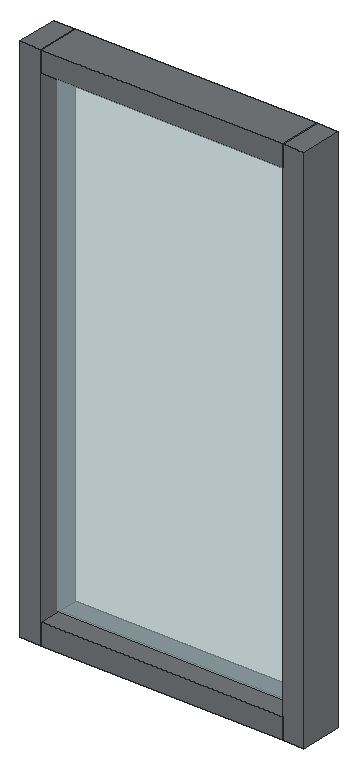
Revit family "LC W12 - A11", category Windows, host Wall, Revit 2027
Family settings
  Host = Wall
  Always vertical = Yes
  Cut with Voids When Loaded = No
  Shared = No
  Room Calculation Point = No
Parameters (values of type "A11 nominal size")
  Height = 1260 mm  # constant formula
  Description = "A07/A08 position, A11 overall sizes. Frame50x100 and glazing6mm are visual coordination profiles; manufacturer sections/glazing specification pending. Panel divisions follow schedule appearance, undimensioned divisions provisional."
  Default Sill Height = 0 mm
  Wall Closure = By host
  Width = 670 mm  # constant formula
Reference planes
  plane 1 "Center (Front/Back)": y = 0
  plane 2 "Center (Left/Right)": x = 0
  plane 3 "Left": x = -335
  plane 4 "Right": x = 335
  plane 5 "Sill": z = 0
  plane 6 "Head": z = 1260
  plane 7 "Exterior": y = 100
  plane 8 "Interior": y = -100
Forms (mm)
  Extrusion 1, solid, material "LC Aluminium - charcoal coordination"
    sketch origin (0, 0, 0) x (1, 0, 0) y (0, 1, 0)
      loop
        line (-335, -50) -> (-285, -50) -> (-285, 50) -> (-335, 50) -> (-335, -50)
    from 0 to 1260
  Extrusion 2, solid, material "LC Aluminium - charcoal coordination"
    sketch origin (0, 0, 0) x (1, 0, 0) y (0, 1, 0)
      loop
        line (285, -50) -> (335, -50) -> (335, 50) -> (285, 50) -> (285, -50)
    from 0 to 1260
  Extrusion 3, solid, material "LC Aluminium - charcoal coordination"
    sketch origin (0, 0, 0) x (1, 0, 0) y (0, 1, 0)
      loop
        line (-285, -50) -> (285, -50) -> (285, 50) -> (-285, 50) -> (-285, -50)
    from 1210 to 1260
  Extrusion 4, solid, material "LC Aluminium - charcoal coordination"
    sketch origin (0, 0, 0) x (1, 0, 0) y (0, 1, 0)
      loop
        line (-285, -50) -> (285, -50) -> (285, 50) -> (-285, 50) -> (-285, -50)
    from 0 to 50
  Extrusion 5, solid, material "LC Glazing - specification pending"
    sketch origin (0, 0, 0) x (1, 0, 0) y (0, 1, 0)
      loop
        line (-285, -3) -> (285, -3) -> (285, 3) -> (-285, 3) -> (-285, -3)
    from 50 to 1210
Lines and regions (mm)
  Opening 1
    outline origin (3500, -100, 0) x (1, 0, 0) y (0, 0, 1)
      loop
        line (-3165, 0) -> (-3165, 1260) -> (-3835, 1260) -> (-3835, 0) -> (-3165, 0)
Text (mm)
  text "Exterior" at (-1963.203, 1332.353, 0), in view "Ref. Level"
  text "Interior" at (-1981.466, -818.386, 0), in view "Ref. Level"
  text "Exterior" at (0, 923.751, 2943.296), in view "Right"
  text "Exterior" at (0, 1040.484, 2685.409), in view "Left"
Dimensions and locks
  equal spacing: plane 3 "Left", plane 2 "Center (Left/Right)", plane 4 "Right"
  "Width": plane 3 "Left" to plane 4 "Right"
  "Height": plane 5 "Sill" to plane 6 "Head"
  "Default Sill Height": plane 5 "Sill" to level
  locked: plane 7 "Exterior" to host wall
  locked: plane 8 "Interior" to host wall
Automatic sketch dimensions
  Opening 1 sketch curve to plane 3 "Left" = 0 mm
  Opening 1 sketch curve to plane 4 "Right" = 0 mm
  Opening 1 sketch curve to plane 5 "Sill" = 0 mm
  Opening 1 sketch curve to plane 6 "Head" = 0 mm
  Extrusion 1 sketch curve to plane 3 "Left" = 0 mm
  Extrusion 1 sketch curve to Extrusion 1 sketch curve = 50 mm
  host wall to Extrusion 1 sketch curve = 50 mm
  Extrusion 1 sketch curve to host wall = 50 mm
  Extrusion 2 sketch curve to plane 4 "Right" = 0 mm
  plane 4 "Right" to Extrusion 2 sketch curve = 50 mm
  host wall to Extrusion 2 sketch curve = 50 mm
  Extrusion 2 sketch curve to host wall = 50 mm
  Extrusion 3 sketch curve to plane 3 "Left" = 50 mm
  plane 4 "Right" to Extrusion 3 sketch curve = 50 mm
  host wall to Extrusion 3 sketch curve = 50 mm
  Extrusion 3 sketch curve to host wall = 50 mm
  Extrusion 4 sketch curve to plane 3 "Left" = 50 mm
  plane 4 "Right" to Extrusion 4 sketch curve = 50 mm
  host wall to Extrusion 4 sketch curve = 50 mm
  Extrusion 4 sketch curve to host wall = 50 mm
  host wall to Extrusion 5 sketch curve = 3 mm
  Extrusion 5 sketch curve to plane 3 "Left" = 50 mm
  Extrusion 5 sketch curve to host wall = 3 mm
  plane 4 "Right" to Extrusion 5 sketch curve = 50 mm
